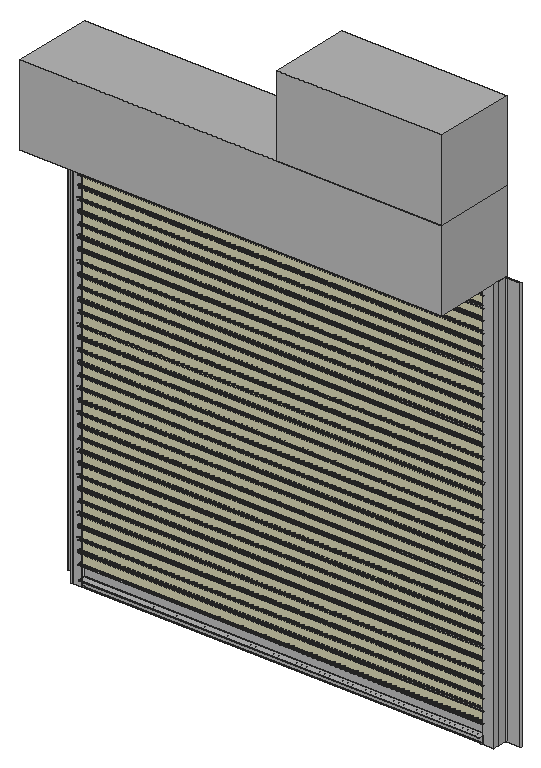
Revit family "Door-Service_Extreme-CornellIron-1024-FaceOfWallMount", category Doors, host Wall, Revit 2013
Parameters (values of type "Motor Top Mount Right")
  Windload = "Up to 20psf Ultimate/10psf operable standard.  A full range of specific wind load requirements available- Consult Cornell Iron Works."  # constant formula
  Wall Construction = "Masonry, Steel , Mounting to Tubes"  # constant formula
  URL Specifications = "http://www.cornelliron.com/docs/default-source/Specifications/extreme-performance-1024-insulated-rolling-service-doors-specification.doc?sfvrsn=3"
  URL Photographs = "http://www.cornelliron.com/inspiration-customization/project-gallery"
  URL CAD = "http://www.cornelliron.com/architect-tools-and-resources/drawing-generator"
  URL = "http://www.cornelliron.com/extremeserviceproducts.html"
  Sizing Disclaimer = "Up to 30’ wide, 20’ high standard construction."  # constant formula
  Revit Object Download Link = "http://cornellcookson.smartbim.com/download/Door_Service_Extreme-CornellIron-1024-FaceOfWallMount"
  Optional Powder Coated Finish Standard RAL Colors Galv Steel and Aluminum Only = yes
  Subcategory = "Overhead Doors"  # constant formula
  Sound Transmission Class Rating = "STC 27, based on a complete, operable door assembly"  # constant formula
  Shutter Panel Width = Width + (2 * 0' 1 255/256")  # 8' - 3 127/128"
  Representative Disclaimer = "Cornell Iron Works' products are sold and installed through a nationwide network of independent distributors."  # constant formula
  Product Options = "Vision Windows, Fenestrations, Sloping Bottom Bar, Sloped hood"  # constant formula
  Operator Width = Width - 2 * 0' 3 31/128"  # 7' - 5 33/64"
  Opening Width = Width  # 8' - 0"
  Opening Height = Height  # 10' - 0"
  Open Speed = "24 ips max"  # constant formula
  Mounting = "Face of Wall"  # constant formula
  Jamb Dimension Note = "Face of Wall: 4 5/8” to  8 5/16” wide. Consult Cornell Iron Works when dimensions are critical. Between Jambs:  13 13/16\" wide. Consult Cornell Iron Works when dimensions are critical."
  Insulation Solid Polyurethane Visibility = yes
  Insulation Panel = Insulation - CornellIron - Plastic Smooth Ash
  Motor Length = 3' - 4"  # constant formula
  Motor Height = 1' - 7 1/2"  # constant formula
  Motor Depth = 1' - 7 1/2"  # constant formula
  Motor Cover Visibility Top Right Standard = yes
  Motor Cover Visibility Top Left Standard = no
  Motor Cover Visibility Front Right Standard = no
  Motor Cover Visibility Front Left Standard = no
  Model = "Cornell Iron Works / EPD1024 / EPI1024"  # constant formula
  Manufacturer = "Cornell Iron Works"  # constant formula
  LEED Information = "http://www.cornelliron.com/architect-tools-and-resources/leed-information"
  Jamb Height = Height - Hood Height  # 8' - 4 1/2"
  Hood Height = 1' - 7 1/2"  # constant formula
  Hood Depth = 1' - 7 1/2"  # constant formula
  Hood = Metal - Steel - CornellIron - Steel - w - Powder Coated - Rust Inhibiting Paint
  Guides = Metal - Steel - CornellIron - Steel - w - Powder Coated - Rust Inhibiting Paint
  Function = Interior
  Height = 10' - 0"
  Wall Closure = By host
  Width = 8' - 0"
  Distributor Locator = "http://www.cornelliron.com/contact-us"
  Description = "Extreme1024 high-speed, high-cycle doors provide a proven combination of steel door security, minimal maintenance requirements and exceptional cycle life unmatched by other performance doors. Extreme1024 doors are tested to perform for over a million cycles at an opening speed of 24” per second - three times faster than standard coiling or overhead sectional doors. Designed to maximize your return on investment, the 1024 door provides the lowest lifetime cost and lowest cost-per-cycle versus other high-speed slatted products. And, its cost-per-cycle savings dramatically increase when compared to standard coiling doors that may be mistakenly considered for high-cycle openings. Durability, environmental separation qualities and ease of repair after impact makes Extreme1024 doors the superior choice for high-use openings."  # constant formula
  Cycle Life = "1,000,000 cycles"  # constant formula
  Curtain Slats Filled w Insulation = Metal - Galvanized Steel - CornellIron - Stainless Steel Brushed - Curtain Only
  Cost Note = "Based on size, materials selected. Consult Cornell Iron Works."  # constant formula
  Coil Dimension Note = "20” to 26” -  Consult Cornell Iron Works when dimensions are critical."  # constant formula
  Closing Speed = "12 ips max"  # constant formula
  Chain Height = 5' - 0"  # constant formula
  Bottom Bar = Metal - Steel - CornellIron - Stainless Steel - Double Angle w Powder Coat
  95 CSI = "08330"  # constant formula
  04 CSI = "08 33 00"  # constant formula
  # of Shutter Panles = ((Height - (0' 4 1/8" + Hood Height)) / 0' 2 93/128") + 1  # 36
Types (5): name | Motor Cover Visibility Top Right Standard | Motor Cover Visibility Top Left Standard | Motor Cover Visibility Front Right Standard | Motor Cover Visibility Front Left Standard
  (no name) | yes | no | no | no
  Motor Front Mount Left | no | no | no | yes
  Motor Front Mount Right | no | no | yes | no
  Motor Top Mount Right | yes | no | no | no
  Motor Top Mount Left | no | yes | no | no
Reference planes (in)
  plane 1 "Center (Front/Back)": y = 0
  plane 2 "Center (Left/Right)": x = 0.00023
  plane 3 "Top": z = 120
  plane 4 "Exterior": y = 3
  plane 5 "Interior": y = -3
  plane 6: z = 3.71875
  plane 7: y = -6
  plane 8: x = 47.49172
  plane 9: x = -47.49172
  plane 10: y = -12.14029
  plane 11: z = 4.12519
  plane 12: x = -45.49316
  plane 13: x = 45.49363
  plane 14: z = 6.85141
  plane 15: z = 100.5
  plane 16 "Left": x = -47.99977
  plane 17: x = -47.74977
  plane 18 "Right": x = 48.00023
  plane 19: x = 47.75023
  plane 20: x = 48.00023
  plane 21: y = -22.5
  plane 22: z = 110.25
  plane 23: y = -12.75
  plane 24: x = -47.99977
  plane 25: z = 0
  plane 26: x = -47.99977
  plane 27: x = 48.00023
  plane 28: x = 46.74575
  plane 29: x = 49.99633
  plane 30: x = -49.99586
  plane 31: x = -48.49977
  plane 32: x = 48.50023
  plane 33: x = 51.00828
  plane 34: x = -51.00781
Forms (in)
  Sweep 1, solid, material "Metal - Steel - CornellIron - Stainless Steel - Double Angle w Powder Coat" <- "Bottom Bar"
    path origin (0, 0, 0) x (1, 0, 0) y (0, 1, 0)
      loop
        line (-48.49977, -6) -> (48.50023, -6)
    profile "Profile_Shutter-Bottom : Parametric" origin (0.00023, -6, 0) x (0, 1, 0) y (0, 0, 1)
      loop
        arc (-1.98389, 1.8432) -> (-2.00598, 1.83405) -> (-2.01514, 1.81195) r 0.03125
        line (-2.01514, 1.81195) -> (-2.01514, 1.7182) -> (-1.02042, 1.7182) -> (-1.02042, 0.27232)
        arc (-1.02042, 0.27232) -> (-0.94066, 0.07976) -> (-0.7481, 0) r 0.27232
        line (-0.7481, 0) -> (0.75043, 0)
        arc (0.75043, 0) -> (0.943, 0.07976) -> (1.02276, 0.27232) r 0.27232
        line (1.02276, 0.27232) -> (1.02276, 1.7182) -> (2.01286, 1.7182) -> (2.01286, 1.81195)
        arc (2.01286, 1.81195) -> (2.00371, 1.83405) -> (1.98161, 1.8432) r 0.03125
        line (1.98161, 1.8432) -> (0.20036, 1.8432)
        arc (0.20036, 1.8432) -> (0.15617, 1.86151) -> (0.13786, 1.9057) r 0.0625
        line (0.13786, 1.9057) -> (0.13786, 3.68695)
        arc (0.13786, 3.68695) -> (0.12871, 3.70905) -> (0.10661, 3.7182) r 0.03125
        line (0.10661, 3.7182) -> (0.01758, 3.7182) -> (0.01758, 1.7182) -> (-0.01758, 1.7182) -> (-0.01758, 3.7182) -> (-0.10889, 3.7182)
        arc (-0.10889, 3.7182) -> (-0.13098, 3.70905) -> (-0.14014, 3.68695) r 0.03125
        line (-0.14014, 3.68695) -> (-0.14014, 1.9057)
        arc (-0.14014, 1.9057) -> (-0.15844, 1.86151) -> (-0.20264, 1.8432) r 0.0625
        line (-0.20264, 1.8432) -> (-1.98389, 1.8432)
  Sweep 2, solid, material "Metal - Galvanized Steel - CornellIron - Stainless Steel Brushed - Curtain Only" <- "Curtain Slats Filled w Insulation"
    path origin (0, 0, 3.71875) x (1, 0, 0) y (0, 1, 0)
      loop
        line (-49.99586, -6) -> (49.99633, -6)
    profile "Profile_Shutter-Bottom Piece : Parametric" origin (0.00023, -6, 3.71875) x (0, 1, 0) y (0, 0, 1)
      loop
        arc (-0.37489, 0.23753) -> (-0.35382, 0.58971) -> (-0.03361, 0.44159) r 0.21354
        line (-0.03361, 0.44159) -> (-0.00349, 0.45138)
        arc (-0.00349, 0.45138) -> (-0.38162, 0.60918) -> (-0.37521, 0.1995) r 0.24491
        line (-0.37521, 0.1995) -> (-0.04434, 0.03306)
        arc (-0.04434, 0.03306) -> (-0.02406, 0.01446) -> (-0.01656, -0.01202) r 0.05046
        line (-0.01656, -0.01202) -> (-0.01656, -2.00055) -> (0.01757, -2.00055) -> (0.01757, -0.01202)
        arc (0.01757, -0.01202) -> (0.00499, 0.03237) -> (-0.02901, 0.06355) r 0.08459
        line (-0.02901, 0.06355) -> (-0.37489, 0.23753)
  Sweep 3, solid, material "Metal - Steel - CornellIron - Steel - w - Powder Coated - Rust Inhibiting Paint" <- "Hood"
    path origin (108.1488, 12, 100.5) x (1, 0, 0) y (0, 1, 0)
      loop
        line (-159.15661, -18) -> (-57.14052, -18)
    profile "Profile_Hood-CornellIron : Parametric" origin (0.00023, -6, 100.5) x (0, 1, 0) y (0, 0, 1)
      loop
        line (3, 19.5) -> (-16.5, 19.5) -> (-16.5, 0) -> (3, 0) -> (3, 19.5)
Lines and regions (in)
  Opening 1
    outline origin (-90, -3, 0) x (1, 0, 0) y (0, 0, 1)
      loop
        line (42.00023, 0) -> (138.00023, 0) -> (138.00023, 120) -> (42.00023, 120) -> (42.00023, 0)
  symbolic lines, style "Hood"
    curve 1: line (-51.00781, -3, 100.5) -> (-51.00781, -22.5, 100.5)
    curve 2: line (-51.00781, -22.5, 100.5) -> (51.00828, -22.5, 100.5)
    curve 3: line (51.00828, -3, 100.5) -> (51.00828, -22.5, 100.5)
    curve 4: line (-51.00781, -3, 100.5) -> (51.00828, -3, 100.5)
  symbolic lines, style "Doors"
    curve 5: line (-48.49977, -3.98714, 100.5) -> (48.50023, -3.98714, 100.5)
    curve 6: line (-48.49977, -8.01514, 100.5) -> (-48.49977, -6.52619, 100.5)
    curve 7: line (48.50023, -8.01514, 100.5) -> (-48.49977, -8.01514, 100.5)
    curve 8: line (48.50023, -3.98714, 100.5) -> (48.50023, -5.79964, 100.5)
    curve 9: line (-48.49977, -5.75926, 100.5) -> (-48.49977, -3.98714, 100.5)
    curve 10: line (48.50023, -6.52619, 100.5) -> (48.50023, -8.01514, 100.5)
Text (in)
  text "Exterior" at (-158.51321, 27.31104, 0), in view "Ref. Level"
  text "Interior" at (-158.51321, -25.14366, 0), in view "Ref. Level"
  text "Exterior" at (0, 40.15149, 123.01588), in view "Right"
  text "Interior" at (0, -64.39139, 123.01588), in view "Right"
  text "Interior" at (0, -31.01599, 123.00693), in view "Left"
  text "Exterior" at (0, 54.57065, 123.00693), in view "Left"
Dimensions and locks (in)
  "Height": level to plane 3 "Top"
  locked: level to plane 6 at 3.71875
  locked: plane 11 to plane 6 at 0.40644
  locked: plane 14 to plane 11 at 2.72622
  "Hood Height": plane 15 to plane 3 "Top"
  locked: plane 16 "Left" to plane 17 at 0.25
  locked: plane 18 "Right" to plane 19 at 0.25
  locked: plane 18 "Right" to plane 20
  equal spacing: plane 3 "Top", plane 22, plane 15
  locked: plane 24 to plane 16 "Left"
  equal spacing: plane 16 "Left", plane 2 "Center (Left/Right)", plane 18 "Right"
  "Width": plane 16 "Left" to plane 18 "Right"
  "Hood Depth": plane 21 to plane 5 "Interior"
  equal spacing: plane 21, plane 23, plane 5 "Interior"
  locked: plane 7 to plane 5 "Interior" at 3
  locked: plane 18 "Right" to plane 28 at 1.25449
  equal spacing: plane 16 "Left", plane 26, plane 24
  equal spacing: plane 18 "Right", plane 27, plane 20
  locked: plane 16 "Left" to plane 9 at 0.50805
  locked: plane 8 to plane 18 "Right" at 0.50852
  locked: plane 18 "Right" to plane 29 at 1.99609
  locked: plane 30 to plane 16 "Left" at 1.99609
  locked: plane 13 to plane 18 "Right" at 2.50661
  locked: plane 16 "Left" to plane 12 at 2.50661
  locked: plane 31 to plane 26 at 0.5
  locked: plane 27 to plane 32 at 0.5
  locked: plane 33 to plane 27 at 3.00805
  locked: plane 34 to plane 26 at 3.00805
  equal spacing: group 1, group 2, group 3, group 4, group 5, group 6, group 7, group 8, group 9, group 10, group 11, group 12, group 13, group 14, group 15, group 16, group 17, group 18, group 19, group 20, group 21, group 22, group 23, group 24, group 25, group 26, group 27, group 28, group 29, group 30, group 31, group 32, group 33, group 34, group 35, group 36  (x3)
  aligned and locked: plane 3 "Top" to Opening 1 sketch curve  (x2)
  aligned and locked: Opening 1 sketch curve to level
  aligned and locked: plane 4 "Exterior" to host wall
  aligned and locked: host wall to plane 5 "Interior"
  aligned and locked: level to nested 1
  aligned and locked: nested 2 to level
  aligned and locked: Sweep 1 sketch curve to plane 7
  aligned and locked: Sweep 2 sketch curve to plane 7
  aligned and locked: nested 3 to plane 11
  aligned and locked: nested 3 to plane 7
  aligned and locked: plane 15 to nested 4
  aligned and locked: plane 21 to nested 4
  aligned and locked: nested 6 to plane 21
  aligned and locked: nested 5 to plane 3 "Top"
  aligned and locked: plane 3 "Top" to nested 7
  aligned and locked: plane 25 to level
  aligned and locked: plane 3 "Top" to nested 6
  aligned and locked: curve 2 to plane 21
  aligned and locked: plane 18 "Right" to Opening 1 sketch curve
  aligned and locked: Sweep 3 sketch curve to plane 7
  aligned and locked: plane 5 "Interior" to nested 7
  aligned and locked: nested 5 to plane 5 "Interior"
  aligned and locked: nested 1 to plane 5 "Interior"
  aligned and locked: plane 31 to nested 1
  aligned and locked: plane 30 to Sweep 2 sketch curve
  aligned and locked: plane 5 "Interior" to nested 2
  aligned and locked: plane 32 to nested 2
  aligned and locked: plane 29 to Sweep 2 sketch curve
  aligned and locked: nested 3 to plane 2 "Center (Left/Right)"
  aligned and locked: plane 31 to Sweep 1 sketch curve
  aligned and locked: plane 32 to Sweep 1 sketch curve
  aligned and locked: plane 34 to Sweep 3 sketch curve
  aligned and locked: nested 6 to Sweep 3
  aligned and locked: plane 33 to Sweep 3 sketch curve
  aligned and locked: nested 4 to Sweep 3
  aligned and locked: nested 7 to Sweep 3
  aligned and locked: plane 14 to nested 8
  aligned and locked: nested 8 to nested 3
  aligned and locked: nested 8 to plane 2 "Center (Left/Right)"
  aligned and locked: nested 7 to curve 1
  aligned and locked: nested 5 to curve 3
  aligned and locked: nested 5 to nested 4
  aligned and locked: curve 5 to Sweep 1
  aligned and locked: curve 6 to Sweep 1
  aligned and locked: curve 7 to Sweep 1
  aligned and locked: curve 8 to Sweep 1
  aligned and locked: plane 31 to curve 9
  aligned and locked: curve 10 to plane 32
Automatic sketch dimensions
  Opening 1 sketch curve to plane 16 "Left" = 0' - 0"
  host wall to curve 3 = 0' - 0"
  curve 10 to plane 7 = 0' - 0.52619"
  curve 6 to plane 7 = 0' - 0.52619"
  plane 7 to curve 8 = 0' - 0.20036"
  plane 7 to curve 9 = 0' - 0.24074"
Nested families (in)
  nested 1: "Jamb-Guide_Wall-CornellIron" at (-53.00247, -4.5, 0), type "Parametric"
    with Height 8' - 4 1/2"
  nested 2: "Jamb-Guide_Wall-CornellIron" at (53.00293, -4.5, 0) x (-1, 0, 0) z (0, 0, 1), type "Parametric"
    with Height 8' - 4 1/2"
  nested 3: "Shutter_Panel-CornellIron" at (-0.2095, -6.14003, 3.92168), type "Parametric"
    with Width 8' - 3 127/128"
  nested 4: "Operator-CornellIron" at (3.00828, -3, -19.5), AFFL <- "Height", Motor Cover <- "Motor Cover Visibility Front Right Standard", type "Parametric"
    with Motor Cover no, Chain Visibility no, AFFL 10' - 0"
  nested 5: "Operator-CornellIron" at (3.00828, 16.5, 0), Motor Cover <- "Motor Cover Visibility Top Right Standard", AFFL <- "Height", type "Parametric"
    with Motor Cover yes, Chain Visibility no, AFFL 10' - 0"
  nested 6: "Operator-CornellIron" at (-3.00781, -3, -19.5) x (-1, 0, 0) z (0, 0, 1), AFFL <- "Height", Motor Cover <- "Motor Cover Visibility Front Left Standard", type "Parametric"
    with Motor Cover no, Chain Visibility yes, AFFL 10' - 0"
  nested 7: "Operator-CornellIron" at (-3.00781, 16.5, 0) x (-1, 0, 0) z (0, 0, 1), Motor Cover <- "Motor Cover Visibility Top Left Standard", AFFL <- "Height", type "Parametric"
    with Motor Cover no, Chain Visibility no, AFFL 10' - 0"
  nested 8: "Shutter_Panel-CornellIron" at (-0.2095, -6.14003, 6.6479), type "Parametric"
    with Width 8' - 3 127/128"
  nested 9: "Shutter_Panel-CornellIron" at (-0.2095, -6.14003, 9.37412), type "Parametric"
    with Width 8' - 3 127/128"
  nested 10: "Shutter_Panel-CornellIron" at (-0.2095, -6.14003, 12.10034), type "Parametric"
    with Width 8' - 3 127/128"
  nested 11: "Shutter_Panel-CornellIron" at (-0.2095, -6.14003, 14.82656), type "Parametric"
    with Width 8' - 3 127/128"
  nested 12: "Shutter_Panel-CornellIron" at (-0.2095, -6.14003, 17.55278), type "Parametric"
    with Width 8' - 3 127/128"
  nested 13: "Shutter_Panel-CornellIron" at (-0.2095, -6.14003, 20.27901), type "Parametric"
    with Width 8' - 3 127/128"
  nested 14: "Shutter_Panel-CornellIron" at (-0.2095, -6.14003, 23.00523), type "Parametric"
    with Width 8' - 3 127/128"
  nested 15: "Shutter_Panel-CornellIron" at (-0.2095, -6.14003, 25.73145), type "Parametric"
    with Width 8' - 3 127/128"
  nested 16: "Shutter_Panel-CornellIron" at (-0.2095, -6.14003, 28.45767), type "Parametric"
    with Width 8' - 3 127/128"
  nested 17: "Shutter_Panel-CornellIron" at (-0.2095, -6.14003, 31.18389), type "Parametric"
    with Width 8' - 3 127/128"
  nested 18: "Shutter_Panel-CornellIron" at (-0.2095, -6.14003, 33.91011), type "Parametric"
    with Width 8' - 3 127/128"
  nested 19: "Shutter_Panel-CornellIron" at (-0.2095, -6.14003, 36.63633), type "Parametric"
    with Width 8' - 3 127/128"
  nested 20: "Shutter_Panel-CornellIron" at (-0.2095, -6.14003, 39.36256), type "Parametric"
    with Width 8' - 3 127/128"
  nested 21: "Shutter_Panel-CornellIron" at (-0.2095, -6.14003, 42.08878), type "Parametric"
    with Width 8' - 3 127/128"
  nested 22: "Shutter_Panel-CornellIron" at (-0.2095, -6.14003, 44.815), type "Parametric"
    with Width 8' - 3 127/128"
  nested 23: "Shutter_Panel-CornellIron" at (-0.2095, -6.14003, 47.54122), type "Parametric"
    with Width 8' - 3 127/128"
  nested 24: "Shutter_Panel-CornellIron" at (-0.2095, -6.14003, 50.26744), type "Parametric"
    with Width 8' - 3 127/128"
  nested 25: "Shutter_Panel-CornellIron" at (-0.2095, -6.14003, 52.99366), type "Parametric"
    with Width 8' - 3 127/128"
  nested 26: "Shutter_Panel-CornellIron" at (-0.2095, -6.14003, 55.71988), type "Parametric"
    with Width 8' - 3 127/128"
  nested 27: "Shutter_Panel-CornellIron" at (-0.2095, -6.14003, 58.44611), type "Parametric"
    with Width 8' - 3 127/128"
  nested 28: "Shutter_Panel-CornellIron" at (-0.2095, -6.14003, 61.17233), type "Parametric"
    with Width 8' - 3 127/128"
  nested 29: "Shutter_Panel-CornellIron" at (-0.2095, -6.14003, 63.89855), type "Parametric"
    with Width 8' - 3 127/128"
  nested 30: "Shutter_Panel-CornellIron" at (-0.2095, -6.14003, 66.62477), type "Parametric"
    with Width 8' - 3 127/128"
  nested 31: "Shutter_Panel-CornellIron" at (-0.2095, -6.14003, 69.35099), type "Parametric"
    with Width 8' - 3 127/128"
  nested 32: "Shutter_Panel-CornellIron" at (-0.2095, -6.14003, 72.07721), type "Parametric"
    with Width 8' - 3 127/128"
  nested 33: "Shutter_Panel-CornellIron" at (-0.2095, -6.14003, 74.80343), type "Parametric"
    with Width 8' - 3 127/128"
  nested 34: "Shutter_Panel-CornellIron" at (-0.2095, -6.14003, 77.52966), type "Parametric"
    with Width 8' - 3 127/128"
  nested 35: "Shutter_Panel-CornellIron" at (-0.2095, -6.14003, 80.25588), type "Parametric"
    with Width 8' - 3 127/128"
  nested 36: "Shutter_Panel-CornellIron" at (-0.2095, -6.14003, 82.9821), type "Parametric"
    with Width 8' - 3 127/128"
  nested 37: "Shutter_Panel-CornellIron" at (-0.2095, -6.14003, 85.70832), type "Parametric"
    with Width 8' - 3 127/128"
  nested 38: "Shutter_Panel-CornellIron" at (-0.2095, -6.14003, 88.43454), type "Parametric"
    with Width 8' - 3 127/128"
  nested 39: "Shutter_Panel-CornellIron" at (-0.2095, -6.14003, 91.16076), type "Parametric"
    with Width 8' - 3 127/128"
  nested 40: "Shutter_Panel-CornellIron" at (-0.2095, -6.14003, 93.88698), type "Parametric"
    with Width 8' - 3 127/128"
  nested 41: "Shutter_Panel-CornellIron" at (-0.2095, -6.14003, 96.61321), type "Parametric"
    with Width 8' - 3 127/128"
  nested 42: "Shutter_Panel-CornellIron" at (-0.2095, -6.14003, 99.33943), type "Parametric"
    with Width 8' - 3 127/128"
Definition of nested family "Jamb-Guide_Wall-CornellIron"
  Parameters (values of type "Parametric")
    Height = 10' - 6 1/2"
    Guide = Metal - Steel - CornellIron - Steel - w - Powder Coated - Rust Inhibiting Paint
    Default Elevation = 0' - 0"
    Assembly Code = ""
  Reference planes (in)
    plane 1 "Center (Front/Back)": y = 0
    plane 2: z = 0
    plane 3 "Center (Left/Right)": x = 0
    plane 4: z = 126.5
    plane 5: y = 1.625
    plane 6: y = 1.875
    plane 7: x = -3.4973
    plane 8: y = 1.5
    plane 9: y = -2.56497
    plane 10: x = 4.5027
    plane 11: y = 1.875
    plane 12: y = 1.875
    plane 13: y = -1.74985
  Forms (in)
    Sweep 1, solid, material "Metal - Steel - CornellIron - Steel - w - Powder Coated - Rust Inhibiting Paint" <- "Guide", detail levels fine
      path origin (0, 0, 0) x (1, 0, 0) y (0, 0, 1)
        loop
          line (0, 0) -> (0, 126.5)
      profile origin (0, 0, 63.25) x (-1, 0, 0) y (0, -1, 0)
        loop
          line (-1.99465, 2.56497) -> (-4.5027, 2.56497)
          arc (-4.5027, 2.56497) -> (-4.45373, 2.44674) -> (-4.3355, 2.39777) r 0.1672
          line (-4.3355, 2.39777) -> (-2.41266, 2.39777)
          arc (-2.41266, 2.39777) -> (-2.23531, 2.32431) -> (-2.16186, 2.14696) r 0.2508
          line (-2.16186, 2.14696) -> (-2.16186, 1.10194) -> (-4.5027, 1.10194)
          arc (-4.5027, 1.10194) -> (-4.45373, 0.98371) -> (-4.3355, 0.93474) r 0.1672
          line (-4.3355, 0.93474) -> (-2.57986, 0.93474)
          arc (-2.57986, 0.93474) -> (-2.40252, 0.86128) -> (-2.32906, 0.68393) r 0.2508
          line (-2.32906, 0.68393) -> (-2.32906, -0.40289)
          arc (-2.32906, -0.40289) -> (-2.28009, -0.52112) -> (-2.16186, -0.57009) r 0.1672
          arc (-2.16186, -0.57009) -> (-2.11288, -0.68832) -> (-1.99465, -0.73729) r 0.1672
          line (-1.99465, -0.73729) -> (-1.99465, -1.25) -> (1.74348, -1.25)
          arc (1.74348, -1.25) -> (1.69874, -1.12466) -> (1.57664, -1.0717) r 0.1672
          line (1.57664, -1.0717) -> (-1.57664, -1.0717)
          arc (-1.57664, -1.0717) -> (-1.75399, -0.99824) -> (-1.82745, -0.82089) r 0.2508
          line (-1.82745, -0.82089) -> (-1.82745, 1.10194)
          arc (-1.82745, 1.10194) -> (-1.94568, 1.05297) -> (-1.99465, 0.93474) r 0.1672
          line (-1.99465, 0.93474) -> (-1.99465, 2.56497)
    Sweep 2, solid, material "Metal - Steel - CornellIron - Steel - w - Powder Coated - Rust Inhibiting Paint" <- "Guide", detail levels medium
      path origin (-10.25, 0, 0) x (1, 0, 0) y (0, 0, 1)
        loop
          line (10.25, 0) -> (10.25, 126.5)
      profile origin (0, 0, 63.25) x (-1, 0, 0) y (0, -1, 0)
        loop
          line (1.74348, -1.25) -> (1.74348, -1.0717) -> (-1.82745, -1.0717) -> (-1.82745, 1.5) -> (-1.99465, 1.5) -> (-1.99465, 2.56497) -> (-4.5027, 2.56497) -> (-4.5027, 2.39777) -> (-2.16186, 2.39777) -> (-2.16186, 1.10194) -> (-4.5027, 1.10194) -> (-4.5027, 0.93474) -> (-2.32906, 0.93474) -> (-2.32906, -1.25) -> (1.74348, -1.25)
    Sweep 3, solid, material "Metal - Steel - CornellIron - Steel - w - Powder Coated - Rust Inhibiting Paint" <- "Guide", detail levels coarse
      path origin (0.40267, 0, 0) x (1, 0, 0) y (0, 0, 1)
        loop
          line (-0.40267, 0) -> (-0.40267, 126.5)
      profile origin (0, 0, 63.25) x (-1, 0, 0) y (0, -1, 0)
        loop
          line (1.74348, -1.25) -> (1.74348, 1.5) -> (-1.99465, 1.5) -> (-1.99465, 2.56497) -> (-4.5027, 2.56497) -> (-4.5027, 2.39777) -> (-2.16186, 2.39777) -> (-2.16186, 1.10194) -> (-4.5027, 1.10194) -> (-4.5027, 0.93474) -> (-2.32906, 0.93474) -> (-2.32906, -1.25) -> (1.74348, -1.25)
  Lines and regions (in)
    symbolic lines, style "DoorsFrameMullionProjection", detail levels fine
      curve 1: line (1.99465, -0.93474, 0) -> (1.99465, 1.25, 0)
      curve 2: line (2.16186, -1.121, 0) -> (2.16186, 0.57009, 0)
      curve 3: line (-1.74348, 1.25, 0) -> (0.73125, 1.25, 0)
      curve 5: arc (-3.2473, -1.4375, 0) -> (-3.26561, -1.48169, 0) -> (-3.3098, -1.5, 0) r 0.0625
      curve 9: arc (0.3777, 1.5, 0) -> (0.59421, 1.43119, 0) -> (0.73125, 1.25, 0) r 0.375
      curve 10: arc (-3.1223, 1.25, 0) -> (-3.21069, 1.21339, 0) -> (-3.2473, 1.125, 0) r 0.125
      curve 11: line (-3.1223, 1.25, 0) -> (-1.74348, 1.25, 0)
      curve 12: line (0.73125, 1.25, 0) -> (1.99465, 1.25, 0)
      curve 13: arc (-1.57664, 1.0717, 0) -> (-1.69874, 1.12466, 0) -> (-1.74348, 1.25, 0) r 0.1672
      curve 15: arc (1.82745, 0.82089, 0) -> (1.75399, 0.99824, 0) -> (1.57664, 1.0717, 0) r 0.2508
      curve 17: arc (1.99465, -0.93474, 0) -> (1.94568, -1.05297, 0) -> (1.82745, -1.10194, 0) r 0.1672
      curve 18: line (1.99465, -0.93474, 0) -> (1.99465, -1.5, 0)
      curve 20: arc (4.3355, -2.39777, 0) -> (4.45373, -2.44674, 0) -> (4.5027, -2.56497, 0) r 0.1672
      curve 22: arc (2.16186, -2.14696, 0) -> (2.23531, -2.32431, 0) -> (2.41266, -2.39777, 0) r 0.2508
      curve 24: arc (2.16186, 0.57009, 0) -> (2.28009, 0.52112, 0) -> (2.32906, 0.40289, 0) r 0.1672
      curve 26: arc (2.32906, -0.68393, 0) -> (2.40252, -0.86128, 0) -> (2.57986, -0.93474, 0) r 0.2508
      curve 28: arc (4.3355, -0.93474, 0) -> (4.45373, -0.98371, 0) -> (4.5027, -1.10194, 0) r 0.1672
      curve 30: arc (1.99465, 0.73729, 0) -> (2.11288, 0.68832, 0) -> (2.16186, 0.57009, 0) r 0.1672
      curve 46: line (-3.2473, 1.0717, 0) -> (-3.2473, 1.125, 0)
    symbolic lines, style "DoorsFrameMullionProjection"
      curve 4: line (-3.4973, -1.5, 0) -> (-3.3098, -1.5, 0)
      curve 7: line (-3.4973, 1.5, 0) -> (-3.4973, -1.5, 0)
      curve 8: line (0.3777, 1.5, 0) -> (-3.4973, 1.5, 0)
      curve 19: line (1.99465, -2.56497, 0) -> (4.5027, -2.56497, 0)
      curve 21: line (4.3355, -2.39777, 0) -> (2.41266, -2.39777, 0)
      curve 23: line (2.16186, -2.14696, 0) -> (2.16186, -1.10194, 0)
      curve 25: line (2.32906, -0.68393, 0) -> (2.32906, 0.40289, 0)
      curve 27: line (4.3355, -0.93474, 0) -> (2.57986, -0.93474, 0)
      curve 29: line (2.16186, -1.10194, 0) -> (4.5027, -1.10194, 0)
      curve 47: line (1.99465, -1.5, 0) -> (1.99465, -2.56497, 0)
    symbolic lines, style "DoorsFrameMullionProjection", detail levels medium+fine
      curve 6: line (-3.2473, -1.4375, 0) -> (-3.2473, 1.0717, 0)
      curve 14: line (-1.57664, 1.0717, 0) -> (1.57664, 1.0717, 0)
      curve 16: line (1.82745, 0.82089, 0) -> (1.82745, -1.10194, 0)
    symbolic lines, style "DoorsFrameMullionProjection", detail levels medium
      curve 31: line (1.57664, 1.0717, 0) -> (1.82745, 1.0717, 0)
      curve 32: line (1.82745, 1.0717, 0) -> (1.82745, 0.82089, 0)
      curve 33: line (-3.2473, 1.0717, 0) -> (-1.57664, 1.0717, 0)
      curve 34: line (1.82745, -1.10194, 0) -> (1.82745, -1.5, 0)
      curve 48: line (-3.2473, -1.4375, 0) -> (-3.2473, -1.5, 0)
    symbolic lines, style "DoorsFrameMullionProjection", detail levels coarse+medium
      curve 35: line (1.82745, -1.5, 0) -> (1.99465, -1.5, 0)
      curve 36: line (2.16186, -2.14696, 0) -> (2.16186, -2.39777, 0)
      curve 37: line (2.16186, -2.39777, 0) -> (2.41266, -2.39777, 0)
      curve 38: line (4.3355, -2.39777, 0) -> (4.5027, -2.39777, 0)
      curve 39: line (4.5027, -2.39777, 0) -> (4.5027, -2.56497, 0)
      curve 40: line (2.32906, -0.68393, 0) -> (2.32906, -0.93474, 0)
      curve 41: line (2.32906, -0.93474, 0) -> (2.57986, -0.93474, 0)
      curve 42: line (4.3355, -0.93474, 0) -> (4.5027, -0.93474, 0)
      curve 43: line (4.5027, -0.93474, 0) -> (4.5027, -1.10194, 0)
      curve 44: line (0.3777, 1.5, 0) -> (2.32906, 1.5, 0)
      curve 45: line (2.32906, 1.5, 0) -> (2.32906, 0.40289, 0)
      curve 49: line (-3.3098, -1.5, 0) -> (-3.2473, -1.5, 0)
    symbolic lines, style "DoorsFrameMullionProjection", detail levels coarse
      curve 50: line (-3.2473, -1.5, 0) -> (1.82745, -1.5, 0)
    model lines, style "DoorsFrameMullionProjection", detail levels fine
      curve 51: line (-1.74348, 1.25, 126.5) -> (0.73125, 1.25, 126.5)
      curve 52: line (1.99465, -0.93474, 126.5) -> (1.99465, 0.73729, 126.5)
      curve 53: line (2.16186, 0.57009, 126.5) -> (2.16186, -1.10194, 126.5)
      curve 54: line (-1.74348, 1.25, 0) -> (0.73125, 1.25, 0)
      curve 55: line (1.99465, -0.93474, 0) -> (1.99465, 0.73729, 0)
      curve 56: line (2.16186, 0.57009, 0) -> (2.16186, -1.10194, 0)
  Dimensions and locks (in)
    "Height": plane 4 to plane 2
    plane 8 to plane 1 "Center (Front/Back)" to plane 9 = 0' - 1 1/2" locked, 0' - 2.56497" locked
    plane 7 to plane 3 "Center (Left/Right)" to plane 10 = 0' - 3.4973" locked, 0' - 4.5027" locked
    aligned and locked: plane 2 to level
    aligned and locked: plane 4 to Sweep 1 sketch curve
    aligned and locked: plane 2 to Sweep 1 sketch curve
    aligned and locked: plane 3 "Center (Left/Right)" to Sweep 1 sketch curve
    aligned and locked: Sweep 2 sketch curve to plane 3 "Center (Left/Right)"
    aligned and locked: plane 4 to Sweep 2 sketch curve
    aligned and locked: level to Sweep 2 sketch curve
    aligned and locked: plane 3 "Center (Left/Right)" to Sweep 3 sketch curve
    aligned and locked: plane 4 to Sweep 3 sketch curve
    aligned and locked: level to Sweep 3 sketch curve
    aligned and locked: Sweep 2 sketch curve to Sweep 3
  Automatic sketch dimensions
    plane 1 "Center (Front/Back)" to Sweep 1 sketch curve = 0' - 1.10194"
    profile plane to Sweep 1 sketch curve = 0' - 4.5027"
    Sweep 1 sketch curve to Sweep 1 sketch curve = 0' - 0"  (x3)
    Sweep 1 sketch curve to Sweep 1 sketch curve = 0' - 0.1672"  (x8)
    plane 1 "Center (Front/Back)" to Sweep 1 sketch curve = 0' - 0.68393"
    Sweep 1 sketch curve to Sweep 1 sketch curve = 0' - 1.75563"
    Sweep 1 sketch curve to Sweep 1 sketch curve = 0' - 0.2508"  (x2)
    Sweep 1 sketch curve to profile plane = 0' - 1.57664"
    Sweep 1 sketch curve to Sweep 1 sketch curve = 0' - 0.0836"
    Sweep 1 sketch curve to Sweep 1 sketch curve = 0' - 1.04502"
    plane 1 "Center (Front/Back)" to Sweep 2 sketch curve = 0' - 1.10194"
    profile plane to Sweep 2 sketch curve = 0' - 4.5027"
    Sweep 2 sketch curve to Sweep 2 sketch curve = 0' - 0"
    Sweep 2 sketch curve to plane 11 = 0' - 0 5/8"
    profile plane to Sweep 2 sketch curve = 0' - 2.32906"
    Sweep 2 sketch curve to Sweep 2 sketch curve = 0' - 0.1672"  (x5)
    Sweep 2 sketch curve to Sweep 2 sketch curve = 0' - 0.39806"
    Sweep 2 sketch curve to Sweep 2 sketch curve = 0' - 0.89777"
    curve 51 to Sweep 1 = 0' - 0"
    curve 52 to Sweep 1 = 0' - 0"  (x2)
    curve 53 to Sweep 1 = 0' - 0"  (x2)
    Sweep 1 to curve 52 = 0' - 0.33441"
    curve 52 to curve 53 = 0' - 0.1672"
    Sweep 1 to curve 51 = 0' - 1.0962"
    curve 55 to Sweep 1 = 0' - 0"  (x2)
    curve 56 to Sweep 1 = 0' - 0"  (x2)
    curve 55 to Sweep 1 = 0' - 0.33441"
    curve 55 to curve 56 = 0' - 0.1672"
    curve 54 to Sweep 1 = 0' - 1.0962"
    curve 7 to plane 7 = 0' - 0"
    curve 44 to plane 8 = 0' - 0"
    plane 9 to curve 19 = 0' - 0"
    curve 39 to plane 10 = 0' - 0"
    curve 42 to plane 10 = 0' - 0"
    curve 4 to plane 7 = 0' - 0 3/16"
    curve 4 to curve 49 = 0' - 0 1/16"
    curve 46 to curve 11 = 0' - 0 1/8"
    curve 13 to plane 8 = 0' - 0 1/4"
    curve 10 to curve 13 = 0' - 1.37882"
    curve 3 to curve 13 = 0' - 0.16683"
    plane 3 "Center (Left/Right)" to curve 44 = 0' - 0.3777"
    curve 9 to curve 3 = 0' - 0.35355"
    curve 15 to plane 8 = 0' - 0.67911"
    curve 3 to curve 15 = 0' - 0.84539"
    plane 3 "Center (Left/Right)" to curve 34 = 0' - 1.82745"
    curve 34 to curve 47 = 0' - 0.1672"
    curve 19 to curve 37 = 0' - 0.1672"
    curve 2 to curve 23 = 0' - 0"
    curve 24 to curve 25 = 0' - 0.1672"
    curve 36 to curve 22 = 0' - 0.2508"
    curve 40 to curve 27 = 0' - 0.2508"
    curve 28 to plane 10 = 0' - 0.1672"
    curve 4 to plane 9 = 0' - 1.06497"
    curve 18 to curve 2 = 0' - 0.379"
    curve 2 to curve 23 = 0' - 0.01906"
    curve 16 to curve 23 = 0' - 0"
    curve 45 to plane 1 "Center (Front/Back)" = 0' - 0.40289"
    curve 20 to curve 20 = 0' - 0.1672"
    plane 1 "Center (Front/Back)" to Sweep 3 sketch curve = 0' - 0.93474"
    profile plane to Sweep 3 sketch curve = 0' - 4.5027"
    Sweep 3 sketch curve to Sweep 3 sketch curve = 0' - 0"
    Sweep 3 sketch curve to Sweep 3 sketch curve = 0' - 2.17364"
    Sweep 3 sketch curve to Sweep 3 sketch curve = 0' - 0.1672"  (x4)
    Sweep 3 sketch curve to profile plane = 0' - 1.74348"
    Sweep 3 sketch curve to Sweep 3 sketch curve = 0' - 0.89777"
    Sweep 3 sketch curve to plane 12 = 0' - 0 5/8"
    Sweep 3 sketch curve to Sweep 3 sketch curve = 0' - 0.39806"
    Sweep 2 sketch curve to Sweep 2 sketch curve = 0' - 0.1783"
    Sweep 1 sketch curve to Sweep 1 sketch curve = 0' - 0.16683"
    Sweep 1 sketch curve to Sweep 1 sketch curve = 0' - 0.1783"
    Sweep 1 sketch curve to plane 1 "Center (Front/Back)" = 0' - 0.40289"
    curve 51 to curve 51 = 0' - 2.47473"
    Sweep 1 to curve 54 = 0' - 0"
    curve 54 to curve 54 = 0' - 2.47473"
Definition of nested family "Shutter_Panel-CornellIron"
  Parameters (values of type "Parametric")
    Width = 7' - 0"
    Panel Insulation = none
    Panel = Metal - Galvanized Steel - CornellIron - Stainless Steel Brushed - Curtain Only
    Insulation Solid Polyurethane Visibility = yes
    Default Elevation = 4' - 0"
    Assembly Code = ""
  Reference planes (in)
    plane 1 "Center (Front/Back)": y = 0
    plane 2: z = 0
    plane 3 "Center (Left/Right)": x = 0.20973
    plane 4: x = -41.79027
    plane 5: x = 42.20973
    plane 6: z = 2.92935
    plane 7: y = 0.10446
    plane 8: z = 0.20351
    plane 9: y = -0.14003
    plane 10: y = 0.38616
    plane 11: y = -0.38076
  Forms (in)
    Sweep 1, solid, material "Metal - Galvanized Steel - CornellIron - Stainless Steel Brushed - Curtain Only" <- "Panel"
      path origin (0, 0, 0) x (1, 0, 0) y (0, 1, 0)
        loop
          line (-41.79027, 0) -> (42.20973, 0)
      profile "Shutter Profile : Shutter Profile" origin (0.20973, 0, 0) x (0, 1, 0) y (0, 0, 1)
        loop
          arc (-0.1196, 3.00215) -> (0.28146, 3.08482) -> (0.14774, 2.69777) r 0.23559
          line (0.14774, 2.69777) -> (-0.19229, 2.69777)
          arc (-0.19229, 2.69777) -> (-0.32556, 2.64256) -> (-0.38076, 2.50929) r 0.18847
          line (-0.38076, 2.50929) -> (-0.38076, 0.15639)
          arc (-0.38076, 0.15639) -> (-0.33496, 0.04581) -> (-0.22437, 0) r 0.15639
          line (-0.22437, 0) -> (0.10446, 0)
          arc (0.10446, 0) -> (0.2691, 0.32313) -> (-0.08909, 0.2664) r 0.20351
          line (-0.08909, 0.2664) -> (-0.04524, 0.25215)
          arc (-0.04524, 0.25215) -> (0.23179, 0.29602) -> (0.10446, 0.04612) r 0.15739
          line (0.10446, 0.04612) -> (-0.22437, 0.04612)
          arc (-0.22437, 0.04612) -> (-0.30235, 0.07841) -> (-0.33465, 0.15639) r 0.11028
          line (-0.33465, 0.15639) -> (-0.33465, 2.50929)
          arc (-0.33465, 2.50929) -> (-0.29295, 2.60995) -> (-0.19229, 2.65165) r 0.14236
          line (-0.19229, 2.65165) -> (0.15182, 2.65165)
          arc (0.15182, 2.65165) -> (0.31758, 3.11357) -> (-0.16346, 3.0164) r 0.28171
          line (-0.16346, 3.0164) -> (-0.1196, 3.00215)
  Lines and regions (in)
    symbolic lines
      curve 1: line (-41.79027, 0.38616, 0) -> (42.20973, 0.38616, 0)
      curve 2: line (-41.79027, -0.38076, 0) -> (-41.79027, 0.38616, 0)
      curve 3: line (42.20973, -0.38076, 0) -> (-41.79027, -0.38076, 0)
      curve 4: line (42.20973, 0.38616, 0) -> (42.20973, -0.38076, 0)
  Dimensions and locks (in)
    equal spacing: plane 4, plane 3 "Center (Left/Right)", plane 5
    "Width": plane 4 to plane 5
    locked: plane 10 to plane 11 at 0.76692
    aligned and locked: plane 1 "Center (Front/Back)" to Sweep 1 sketch curve
    aligned and locked: plane 4 to Sweep 1 sketch curve
    aligned and locked: plane 5 to Sweep 1 sketch curve
    aligned and locked: curve 4 to plane 5
    aligned and locked: curve 1 to plane 10
    aligned and locked: plane 11 to curve 3
    aligned and locked: plane 4 to curve 2
    aligned and locked: nested 1 to plane 10
  Nested families (in)
    nested 1: "Shutter-Panel_Insulation" at (0, -0.03349, 0), visible <- "Insulation Solid Polyurethane Visibility", type "Shutter-Panel"
  Definition of nested family "Shutter-Panel_Insulation"
    Parameters (values of type "Shutter-Panel")
      Width = 7' - 0"
      Panel = none
      Default Elevation = 4' - 0"
      Assembly Code = ""
    Reference planes (in)
      plane 1 "Center (Front/Back)": y = 0
      plane 2: z = 0
      plane 3 "Center (Left/Right)": x = 0.20973
      plane 4: x = -41.79027
      plane 5: x = 42.20973
      plane 6: z = 2.92935
      plane 7: y = 0.10446
      plane 8: z = 0.20351
      plane 9: y = -0.14003
      plane 10: y = 0.41966
    Forms (in)
      Sweep 1, solid, material <- "Panel"
        path origin (0, 0, 0) x (1, 0, 0) y (0, 1, 0)
          loop
            line (-41.79027, 0) -> (42.20973, 0)
        profile "Insulation : Insulation" origin (0.20973, 0, 0) x (0, 1, 0) y (0, 0, 1)
          loop
            line (-0.01945, 3.22188) -> (0.30938, 3.22188)
            arc (0.30938, 3.22188) -> (0.38736, 3.18958) -> (0.41966, 3.1116) r 0.11028
            line (0.41966, 3.1116) -> (0.41966, 0.7587)
            arc (0.41966, 0.7587) -> (0.37796, 0.65804) -> (0.2773, 0.61634) r 0.14236
            line (0.2773, 0.61634) -> (-0.06681, 0.61634)
            arc (-0.06681, 0.61634) -> (-0.23257, 0.15443) -> (0.24847, 0.25159) r 0.28171
            line (0.24847, 0.25159) -> (0.20461, 0.26584)
            arc (0.20461, 0.26584) -> (-0.19645, 0.18318) -> (-0.06273, 0.57023) r 0.23559
            line (-0.06273, 0.57023) -> (0.2773, 0.57023)
            arc (0.2773, 0.57023) -> (0.41057, 0.62543) -> (0.46577, 0.7587) r 0.18847
            line (0.46577, 0.7587) -> (0.46577, 3.1116)
            arc (0.46577, 3.1116) -> (0.41997, 3.22219) -> (0.30938, 3.26799) r 0.15639
            line (0.30938, 3.26799) -> (-0.01945, 3.26799)
            arc (-0.01945, 3.26799) -> (-0.18409, 2.94486) -> (0.1741, 3.00159) r 0.20351
            line (0.1741, 3.00159) -> (0.13025, 3.01584)
            arc (0.13025, 3.01584) -> (-0.14678, 2.97197) -> (-0.01945, 3.22188) r 0.15739
    Dimensions and locks (in)
      equal spacing: plane 4, plane 3 "Center (Left/Right)", plane 5
      "Width": plane 4 to plane 5
      aligned and locked: plane 1 "Center (Front/Back)" to Sweep 1 sketch curve
      aligned and locked: plane 4 to Sweep 1 sketch curve
      aligned and locked: plane 5 to Sweep 1 sketch curve
Definition of nested family "Operator-CornellIron"
  Parameters (values of type "Parametric")
    Unit = Metal - Steel - CornellIron - Steel - w - Powder Coated - Rust Inhibiting Paint
    Motor Length = 3' - 4"
    Motor Height = 1' - 7 1/2"
    Motor Depth = 1' - 7 1/2"
    Motor Cover [instance] = yes
    Length = 8' - 0"
    Default Elevation = 0' - 0"  # constant formula
    Chain Visibility [instance] = yes
    Chain Height = 5' - 0"
    Assembly Code = ""
    AFFL [instance] = 10' - 0"
  Reference planes (in)
    plane 1 "Center (Front/Back)": y = 0
    plane 2: z = 0
    plane 3 "Center (Left/Right)": x = 0
    plane 4: y = -19.5
    plane 5: x = -48
    plane 6: x = 48
    plane 7: x = 8
    plane 8: z = 120
    plane 9: z = 139.5
    plane 10: y = -39
  Dimensions and locks (in)
    locked: plane 4 to plane 1 "Center (Front/Back)" at 19.5
    equal spacing: plane 5, plane 3 "Center (Left/Right)", plane 6
    "Length": plane 5 to plane 6
    "Motor Length": plane 7 to plane 6
    "AFFL": plane 8 to level
    "Motor Height": plane 9 to plane 8
    "Motor Depth": plane 4 to plane 10
    aligned and locked: nested 1 to plane 10
    aligned and locked: plane 7 to nested 1
    aligned and locked: nested 1 to plane 8
  Nested families (in)
    nested 1: "Motor_CornellIron" at (28, -29.25, 120) x (-1, 0, 0) z (0, 0, 1), Motor Cover <- "Motor Cover", type "Motor_CornellIron"
  Definition of nested family "Motor_CornellIron"
    Parameters (values of type "Motor_CornellIron")
      Width = 3' - 4"
      Motor Cover [instance] = yes
      Unit = Metal - Steel - CornellIron - Steel - w - Powder Coated - Rust Inhibiting Paint
      Height = 1' - 7 1/2"
      Depth = 1' - 7 1/2"
      Chain Height = 5' - 0"
      Assembly Code = ""
    Reference planes (in)
      plane 1 "Center (Front/Back)": y = 0
      plane 2: z = 0
      plane 3 "Center (Left/Right)": x = 0
      plane 4: x = -20
      plane 5: x = 20
      plane 6: y = 9.75
      plane 7: y = -9.75
      plane 8: z = 19.5
      plane 9: x = -25
      plane 10: x = -22.5
    Forms (in)
      Sweep 1, solid, material "Metal - Steel - CornellIron - Steel - w - Powder Coated - Rust Inhibiting Paint" <- "Unit", visible <- "Motor Cover"
        path origin (0, 0, 0) x (1, 0, 0) y (0, 1, 0)
          loop
            line (-20, 0) -> (20, 0)
        profile origin (0, 0, 0) x (0, 1, 0) y (0, 0, 1)
          loop
            line (9.75, 0) -> (9.75, 19.5) -> (-9.75, 19.5) -> (-9.75, 0) -> (9.75, 0)
      Sweep 2, solid, material "Metal - Steel - CornellIron - Steel - w - Powder Coated - Rust Inhibiting Paint" <- "Unit", not visible
        path origin (7.00522, -7.782, -98.8879) x (0, 1, 0) y (0, 0, 1)
          loop
            line (5.375, 111.07552) -> (5.375, 42.0129)
            arc (5.375, 42.0129) -> (2.25, 38.8879) -> (-0.875, 42.0129) r 3.125
            line (-0.875, 42.0129) -> (-0.875, 111.07552)
        profile origin (7.00522, -2.407, -22.34369) x (1, 0, 0) y (0, 1, 0)
          loop
            circle (-27.18359, 0) r 0.25
      Extrusion 3, solid, material "Metal - Steel - CornellIron - Steel - w - Powder Coated - Rust Inhibiting Paint" <- "Unit", not visible
        sketch origin (-19.31569, -22.3721, -1.48834) x (0, 1, 0) y (0, 0, -1)
          loop
            line (18.79083, -17.98489) -> (20.6277, -13.19968)
            arc (20.6277, -13.19968) -> (20.64632, -13.13363) -> (20.6526, -13.06529) r 0.375
            line (20.6526, -13.06529) -> (20.6526, -10.97863)
            arc (20.6526, -10.97863) -> (20.69419, -10.76645) -> (20.81281, -10.58568) r 0.562
            arc (20.81281, -10.58568) -> (20.83225, -10.4835) -> (20.7456, -10.42596) r 0.094
            line (20.7456, -10.42596) -> (19.1836, -10.42596)
            arc (19.1836, -10.42596) -> (19.09696, -10.4835) -> (19.1164, -10.58568) r 0.094
            arc (19.1164, -10.58568) -> (19.25212, -10.81455) -> (19.26735, -11.0802) r 0.562
            arc (19.26735, -11.0802) -> (19.16253, -11.49386) -> (18.7766, -11.67596) r 0.5
            line (18.7766, -11.67596) -> (18.41629, -11.67596)
            arc (18.41629, -11.67596) -> (16.8401, -11.30096) -> (15.26391, -11.67596) r 3.5
            line (15.26391, -11.67596) -> (14.9036, -11.67596)
            arc (14.9036, -11.67596) -> (14.55005, -11.52951) -> (14.4036, -11.17596) r 0.5
            line (14.4036, -11.17596) -> (14.4036, -10.97863)
            arc (14.4036, -10.97863) -> (14.44519, -10.76645) -> (14.56381, -10.58568) r 0.562
            arc (14.56381, -10.58568) -> (14.58325, -10.4835) -> (14.4966, -10.42596) r 0.094
            line (14.4966, -10.42596) -> (12.9346, -10.42596)
            arc (12.9346, -10.42596) -> (12.84796, -10.4835) -> (12.8674, -10.58568) r 0.094
            arc (12.8674, -10.58568) -> (12.98601, -10.76645) -> (13.0276, -10.97863) r 0.562
            line (13.0276, -10.97863) -> (13.0276, -13.1348) -> (14.88938, -17.98489)
            arc (14.88938, -17.98489) -> (16.8401, -18.53496) -> (18.79083, -17.98489) r 3.734
        from 0 to 2
      Extrusion 4, solid, material "Metal - Steel - CornellIron - Steel - w - Powder Coated - Rust Inhibiting Paint" <- "Unit", not visible
        sketch origin (-20.31569, -5.532, 8.93762) x (0, 1, 0) y (0, 0, -1)
          loop
            circle (0, -4.375) r 0.625
        from -1 to 1.5625
      Revolve 5, solid, material "Metal - Steel - CornellIron - Steel - w - Powder Coated - Rust Inhibiting Paint" <- "Unit", not visible
        sketch origin (-25.31569, -5.532, 8.93762) x (1, 0, 0) y (0, 0, -1)
          loop
            line (3.4375, -4.7725) -> (3.4375, -4.3975) -> (3.19069, -4.3975) -> (3.19069, -4.6475) -> (3.31569, -4.7725) -> (3.4375, -4.7725)
          loop
            line (6.44069, -5.1475) -> (6.44069, -5.39275) -> (6.50319, -5.64275) -> (6.60419, -5.64275) -> (6.66669, -5.39275) -> (6.66669, -5.2415) -> (7.06569, -5.2415) -> (7.06569, -5.3975) -> (7.31569, -5.3975) -> (7.31569, -4.3975) -> (6, -4.3975) -> (6, -5.1475) -> (6.44069, -5.1475)
          axis (7.31569, -4.3975) -> (3.19069, -4.3975)
        angle from 0 to 360
    Lines and regions (in)
      symbolic lines, visible <- "Motor Cover"
        curve 1: line (-20, 9.75, 0) -> (-20, -9.75, 0)
      symbolic lines, style "Motor", visible <- "Motor Cover"
        curve 2: line (-20, 9.75, 0) -> (20, 9.75, 0)
        curve 3: line (-20, -9.75, 0) -> (20, -9.75, 0)
        curve 4: line (20, -9.75, 0) -> (20, 9.75, 0)
    Dimensions and locks (in)
      equal spacing: plane 6, plane 1 "Center (Front/Back)", plane 7
      "Depth": plane 6 to plane 7
      "Height": plane 8 to level
      locked: plane 9 to plane 4 at 5
      equal spacing: plane 4, plane 3 "Center (Left/Right)", plane 5
      equal spacing: plane 9, plane 10, plane 4
      Sweep 2 sketch curve to Sweep 2 sketch curve = 0' - 6 1/4"
      "Width": plane 4 to plane 5
      aligned and locked: plane 5 to Sweep 1 sketch curve
      aligned and locked: plane 4 to Sweep 1 sketch curve
      aligned and locked: plane 1 "Center (Front/Back)" to Sweep 1 sketch curve
      aligned and locked: plane 6 to Sweep 1 sketch curve
      aligned and locked: plane 7 to Sweep 1 sketch curve
      aligned and locked: plane 8 to Sweep 1 sketch curve
      aligned and locked: level to Sweep 1 sketch curve
      aligned and locked: Sweep 2 sketch curve to Sweep 2 sketch curve  (x2)
      aligned and locked: curve 1 to plane 4
      aligned and locked: curve 2 to plane 6
      aligned and locked: curve 3 to plane 7
      aligned and locked: curve 4 to plane 5
    Automatic sketch dimensions
      Sweep 2 sketch curve to Sweep 2 sketch curve = 0' - 0"
      profile plane to Sweep 2 sketch curve = 0' - 0"
      Sweep 2 sketch curve to profile plane = 2' - 3 47/256"
      Extrusion 3 sketch curve to Extrusion 3 sketch curve = 0' - 0"  (x8)
      Extrusion 3 sketch curve to Extrusion 3 sketch curve = 0' - 0.0672"  (x4)
      Extrusion 3 sketch curve to Extrusion 3 sketch curve = 0' - 1.376"
      Extrusion 3 sketch curve to Extrusion 3 sketch curve = 0' - 0.093"  (x2)
      Extrusion 3 sketch curve to Extrusion 3 sketch curve = 0' - 0 1/2"  (x2)
      Extrusion 3 sketch curve to Extrusion 3 sketch curve = 0' - 0.062"
      Extrusion 3 sketch curve to Extrusion 3 sketch curve = 0' - 0.36031"  (x2)
      Extrusion 3 sketch curve to Extrusion 3 sketch curve = 0' - 1.57619"
      Extrusion 3 sketch curve to Extrusion 3 sketch curve = 0' - 3.15238"
      Extrusion 3 sketch curve to Extrusion 3 sketch curve = 0' - 0.29831"
      Extrusion 3 sketch curve to Extrusion 3 sketch curve = 0' - 0.4018"  (x3)
      Extrusion 3 sketch curve to Extrusion 3 sketch curve = 0' - 0.49074"
      Extrusion 3 sketch curve to Extrusion 3 sketch curve = 0' - 1.501"
      Extrusion 3 sketch curve to Extrusion 3 sketch curve = 0' - 0.35009"
      Extrusion 3 sketch curve to Extrusion 3 sketch curve = 0' - 0.02491"
      Extrusion 3 sketch curve to Extrusion 3 sketch curve = 0' - 3.18393"
      Extrusion 3 sketch curve to Extrusion 3 sketch curve = 0' - 1.60128"
      Extrusion 3 sketch curve to Extrusion 3 sketch curve = 0' - 1.66616"
      Extrusion 3 sketch curve to Extrusion 3 sketch curve = 0' - 1.38934"
      Extrusion 3 sketch curve to Extrusion 3 sketch curve = 0' - 0.19733"
      Extrusion 3 sketch curve to Extrusion 3 sketch curve = 0' - 0 13/128"
      Revolve 5 sketch curve to Revolve 5 sketch curve = 0' - 0 1/4"  (x4)
      Revolve 5 sketch curve to Revolve 5 sketch curve = 0' - 0.399"
      Revolve 5 sketch curve to Revolve 5 sketch curve = 0' - 0 1/16"
      Revolve 5 sketch curve to Revolve 5 sketch curve = 0' - 0.101"
      Revolve 5 sketch curve to Revolve 5 sketch curve = 0' - 0.226"
      Revolve 5 sketch curve to Revolve 5 sketch curve = 0' - 0.44069"
      Revolve 5 sketch curve to Revolve 5 sketch curve = 0' - 0"  (x3)
      Revolve 5 sketch curve to Revolve 5 sketch curve = 0' - 2 5/16"
      Revolve 5 sketch curve to Revolve 5 sketch curve = 0' - 0.12181"
      Revolve 5 sketch curve to Revolve 5 sketch curve = 0' - 0.24681"
      Revolve 5 sketch curve to Revolve 5 sketch curve = 0' - 0.24525"
      Revolve 5 sketch curve to Revolve 5 sketch curve = 0' - 0.15125"
      Revolve 5 sketch curve to Revolve 5 sketch curve = 0' - 0.094"
      Revolve 5 sketch curve to Revolve 5 sketch curve = 0' - 0 3/8"
      Revolve 5 sketch curve to Revolve 5 sketch curve = 0' - 0 1/8"
      Revolve 5 sketch curve to Revolve 5 sketch curve = 0' - 0 3/4"
      Sweep 2 sketch curve to Sweep 2 sketch curve = 5' - 9.06262"
      Extrusion 3 sketch curve to Extrusion 3 sketch curve = 0' - 0.1602"
      Extrusion 3 sketch curve to Extrusion 3 sketch curve = 0' - 1.95072"  (x2)
      radius of Sweep 2 sketch curve = 0' - 0 1/4"
      radius of Extrusion 4 sketch curve = 0' - 0 5/8"
